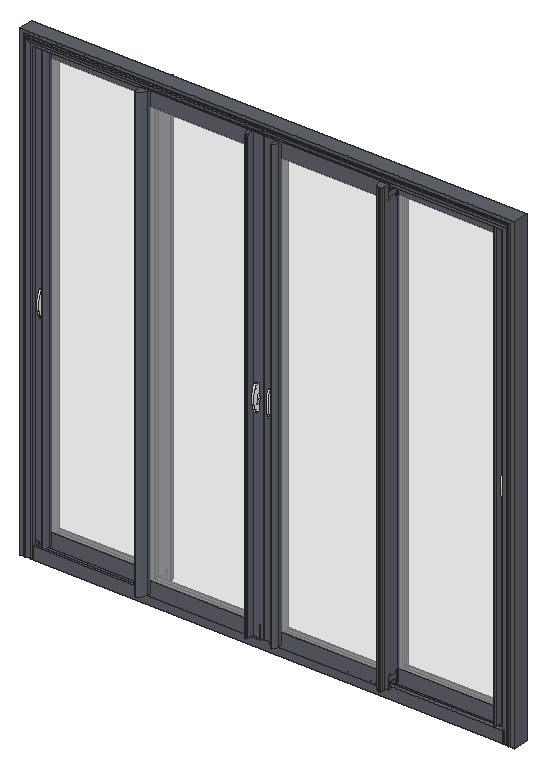
Revit family "Wicslide_65_Glass32_4_leaf_2_track_4_leaf_slide_or_2_inner_slide_2_outer_fixed", category Doors, host Wall, Revit 2014 (continued)
Definition of nested family "Leaf_Wicslide_65_G32_meet_connect_in_handle_left"
  Definition of nested family "wicona_handle_2d"
    Lines and regions (mm)
      model lines, style "PIECES", in view "Ref. Level", detail levels fine
        curve 61: line (11.651, -18.781, 0) -> (11.243, -18.216, 0)
        curve 62: line (11.243, -18.216, 0) -> (10.768, -17.336, 0)
        curve 63: line (10.768, -17.336, 0) -> (10.324, -16.441, 0)
        curve 64: line (10.324, -16.441, 0) -> (9.909, -15.531, 0)
        curve 65: line (9.909, -15.531, 0) -> (9.525, -14.608, 0)
        curve 66: line (9.525, -14.608, 0) -> (9.171, -13.672, 0)
        curve 67: line (9.162, -13.647, 0) -> (8.966, -12.67, 0)
        curve 68: line (8.963, -12.62, 0) -> (8.951, -12.312, 0)
        curve 69: arc (-5.814, -25, 0) -> (-5.429, -25.928, 0) -> (-4.501, -26.312, 0) r 1.312
        curve 70: arc (4.591, -26.312, 0) -> (5.454, -25.955, 0) -> (5.812, -25.091, 0) r 1.221
  Definition of nested family "window_2_pieces_glass_line"
    Parameters (values of type "T32")
      v1 = 5 mm
      line = 10 mm
      built-in parameter 1001306 [instance] = 1200 mm
      Glass Thickness = 32 mm
    Types (2, lengths in mm): name | Glass Thickness
      T24 | 24
      T32 | 32
    Reference planes
      plane 1 "Center (Front/Back)": y = 0
      plane 2: z = 0
      plane 3 "Left": x = 0
      plane 4 "Right": x = 1200
      plane 5: y = 32
      plane 6: y = 5
      plane 7: y = 27
      plane 8: x = 10
      plane 9: x = 1190
    Lines and regions (mm)
      reference lines, in view "Ref. Level"
        curve 1: line (0, 0, 0) -> (1200, 0, 0)
      detail lines, in view "Ref. Level", detail levels medium+fine
        curve 2: line (0, 32, 0) -> (1200, 32, 0)
        curve 3: line (0, 0, 0) -> (1200, 0, 0)
      detail lines, in view "Ref. Level", detail levels fine
        curve 4: line (0, 27, 0) -> (1200, 27, 0)
        curve 5: line (0, 5, 0) -> (1200, 5, 0)
      model lines, style "DetailComponents", in view "Ref. Level", detail levels fine
        curve 6: line (10, 27, 0) -> (10, 5, 0)
      detail lines, style "DetailComponents", in view "Ref. Level", detail levels fine
        curve 7: line (1190, 27, 0) -> (1190, 5, 0)
      model lines, style "DetailComponents", in view "Ref. Level", detail levels medium+fine
        curve 8: line (1200, 32, 0) -> (1200, 0, 0)
      detail lines, style "DetailComponents", in view "Ref. Level", detail levels medium+fine
        curve 9: line (0, 32, 0) -> (0, 0, 0)
    Dimensions and locks
      "built-in parameter 1001306": plane 3 "Left" to plane 4 "Right"
      "Glass Thickness": plane 5 to plane 1 "Center (Front/Back)"
      plane 5 to plane 1 "Center (Front/Back)" = 32 mm
      "v1": plane 5 to plane 7
      "v1": plane 6 to plane 1 "Center (Front/Back)"
      "line": plane 3 "Left" to plane 8
      "line": plane 9 to plane 4 "Right"
      aligned and locked: plane 1 "Center (Front/Back)" to curve 1
      aligned and locked: plane 3 "Left" to curve 1
      aligned and locked: plane 4 "Right" to curve 1
      aligned and locked: plane 5 to curve 2
      aligned and locked: plane 7 to curve 4
      aligned and locked: plane 6 to curve 5
      aligned and locked: curve 5 to curve 6
      aligned and locked: curve 6 to plane 8
      aligned and locked: curve 5 to curve 7
      aligned and locked: curve 7 to plane 9
      aligned and locked: plane 1 "Center (Front/Back)" to curve 9
      aligned and locked: curve 9 to plane 3 "Left"
      aligned and locked: curve 2 to curve 8
      aligned and locked: curve 3 to curve 8
      aligned and locked: curve 8 to plane 4 "Right"
      aligned and locked: curve 4 to curve 7
      aligned and locked: curve 4 to curve 6
    Automatic sketch dimensions
      curve 5 to plane 4 "Right" = 0 mm
      curve 4 to plane 4 "Right" = 0 mm
      curve 3 to plane 4 "Right" = 0 mm
      curve 2 to plane 4 "Right" = 0 mm
  Definition of nested family "Sash meeting 3041251"
    Parameters (values of type "Sash meeting 3041251")
      6 = 6 mm
    Reference planes
      plane 1 "Center (Front/Back)": y = 0
      plane 2: z = 0
      plane 3 "Center (Left/Right)": x = 0
      plane 4: y = -40
      plane 5: y = -18
      plane 6: x = 18.975
      plane 7: y = -2
      plane 8: y = -34
      plane 9: y = 4.5
    Lines and regions (mm)
      Filled region 1, type "Concrete", in view "Ref. Level", detail levels medium
        outline origin (18.997, 3.58, 0) x (1, 0, 0) y (0, 1, 0)
          loop
            line (-0.022, -78.58) -> (-0.022, 4.412) -> (-18.997, 4.412) -> (-18.997, 0.72) -> (-38.109, 0.72) -> (-38.109, -5.58) -> (-26.02, -5.58) -> (-26.02, -37.58) -> (-38.109, -37.58) -> (-38.109, -78.58) -> (-0.022, -78.58)
  Definition of nested family "Sash meeting 3041250"
    Parameters (values of type "Sash meeting 3041250")
      6 = 6 mm
    Reference planes
      plane 1 "Center (Front/Back)": y = 0
      plane 2: z = 0
      plane 3 "Center (Left/Right)": x = 0
      plane 4: y = -40
      plane 5: y = -18
      plane 6: x = 18.975
      plane 7: y = -2
      plane 8: y = -34
    Lines and regions (mm)
      Filled region 1, type "Concrete", in view "Ref. Level", detail levels medium
        outline origin (18.997, 3.58, 0) x (1, 0, 0) y (0, 1, 0)
          loop
            line (-0.022, -43.58) -> (-0.022, 4.412) -> (-18.997, 4.412) -> (-18.997, 0.72) -> (-38.109, 0.72) -> (-38.109, -5.58) -> (-26.02, -5.58) -> (-26.02, -37.58) -> (-38.109, -37.58) -> (-38.109, -43.58) -> (-0.022, -43.58)
  Definition of nested family "Sash meeting 3041252"
    Parameters (values of type "Sash meeting 3041252")
      6 = 6 mm
    Reference planes
      plane 1 "Center (Front/Back)": y = 0
      plane 2: z = 0
      plane 3 "Center (Left/Right)": x = 0
      plane 4: y = -40
      plane 5: y = -18
      plane 6: x = 18.975
      plane 7: y = -2
      plane 8: y = -34
      plane 9: y = 4.5
    Lines and regions (mm)
      Filled region 1, type "Concrete", in view "Ref. Level", detail levels medium
        outline origin (18.997, 3.58, 0) x (1, 0, 0) y (0, 1, 0)
          loop
            line (-0.022, -60.28) -> (-0.022, 4.412) -> (-18.997, 4.412) -> (-18.997, 0.72) -> (-38.109, 0.72) -> (-38.109, -5.58) -> (-26.02, -5.58) -> (-26.02, -37.58) -> (-38.109, -37.58) -> (-38.109, -52.434)
            arc (-38.109, -52.434) -> (-28.07, -70.772) -> (-11.546, -83.58) r 51.285
            line (-11.546, -83.58) -> (-4.436, -83.58) -> (-0.022, -60.28)
Definition of nested family "Leaf_Wicslide_65_G32_2_leaf_2_track_both_sliding_or_1_fixed_1slide_mirror"
  Parameters (values of type "Leaf_Wicslide_65_G32_2_leaf_2_track_both_sliding_or_1_fixed_1slide_mirror")
    Sash meeting 3041252 = yes
    Sash meeting 3041250 = no
    Sash meeting 3041251 = no
    Sash 1041273 = no
    Sash 1041270 = no
    Sash 1041271 = yes
    Sash 1041272 = no
    Profil Bottom = 4 mm
    Handle Distance = if(Sash 1041270, 22 mm, if(Sash 1041271, 45 mm, if(Sash 1041272, 42 mm, 22 mm)))  # 45 mm
    Leaf Width = 896 mm
    Leaf Material = Aluminium
    Leaf Height = 2000 mm
    Handle Material = Aluminium
    Handle Height = 850 mm  # constant formula
    Glass Width = 32 mm
    Glass Offset 2 = 7 mm  # constant formula
    Glass Offset = 46.1 mm  # constant formula
    Glass Material = WICONA -  Glass
    Glas Offset Bottom = 46.6 mm
    Frame Material = Aluminium
    16 = 16 mm
  Reference planes
    plane 1 "Center (Front/Back)": y = 0
    plane 2: z = 0
    plane 3 "Center (Left/Right)": x = 0
    plane 4: x = 896
    plane 5: z = 2000
    plane 6: x = 46.1
    plane 7: x = 889
    plane 8: z = 1953.4
    plane 9: z = 46.6
    plane 10: z = 896.6
    plane 11: x = 58.1
    plane 12: y = -16
    plane 13: y = 16
    plane 14: x = -3.312
    plane 15: x = 899.312
    plane 16: z = 46.6
    plane 17: y = -45
    plane 18: x = 20
    plane 19: z = 960.237
    plane 20: x = -1.516
    plane 21: y = -21.816
    plane 22: z = -5.306
    plane 23: z = 25
    plane 24: x = 914.975
    plane 25: z = 2010.5
    plane 26: z = 1980.5
    plane 27: z = 4
    plane 28: x = -9.9
  Forms (mm)
    Sweep 1, solid, material "Aluminium" <- "Leaf Material", visible <- "Sash 1041270"
      path origin (-1.381, 0, 34.551) x (1, 0, 0) y (0, 0, 1)
        loop
          line (0, -30.551) -> (0, 1970.678)
      profile origin (-1.381, 0, 1004.615) x (-1, 0, 0) y (0, -1, 0)
        loop
          line (-59.481, -22) -> (8.519, -22) -> (8.519, -16.6) -> (-10.369, -16.6) -> (-10.369, 16.6) -> (8.519, 16.6) -> (8.519, 22) -> (-59.395, 22) -> (-59.395, 16) -> (-47.481, 16) -> (-47.481, -16) -> (-59.481, -16) -> (-59.481, -22)
    Extrusion 2, solid, material "WICONA -  Glass" <- "Glass Material", detail levels medium+fine
      sketch origin (-214.248, -550.766, -473.088) x (1, 0, 0) y (0, 0, 1)
        loop
          line (260.348, 2426.488) -> (260.348, 519.688) -> (1103.248, 519.688) -> (1103.248, 2426.488) -> (260.348, 2426.488)
      from -566.766 to -534.766
    Sweep 3, solid, material "Aluminium" <- "Leaf Material"
      path origin (0, 0, 0) x (1, 0, 0) y (0, 0, 1)
        loop
          line (8.988, 0) -> (914.975, 0)
      profile origin (461.982, 0, 0) x (0, 0, 1) y (0, -1, 0)
        loop
          line (-5.306, -20.1) -> (58.694, -20.1) -> (58.694, -16) -> (46.634, -16) -> (46.634, 16) -> (58.694, 16) -> (58.694, 20.1) -> (-5.306, 20.1) -> (-5.306, 16.6) -> (5.236, 16.6) -> (5.236, 18.5) -> (25.914, 18.5) -> (25.914, -18.502) -> (5.236, -18.502) -> (5.236, -16.602) -> (-5.306, -16.602) -> (-5.306, -20.1)
    Sweep 4, solid, material "Aluminium" <- "Leaf Material", visible <- "Sash meeting 3041250"
      path origin (0, 0, 0) x (1, 0, 0) y (0, 0, 1)
        loop
          line (896, 2005.23) -> (896, 4)
      profile origin (896, 0, 1004.615) x (0, -1, 0) y (1, 0, 0)
        loop
          line (-22.3, -19.026) -> (-16, -19.026) -> (-16, -7.023) -> (16, -7.023) -> (16, -19.026) -> (22, -19.026) -> (22, 18.975) -> (-25.992, 18.975) -> (-25.992, 0) -> (-22.3, 0) -> (-22.3, -19.026)
    Sweep 5, solid, material "Aluminium" <- "Leaf Material", visible <- "Sash 1041273"
      path origin (0, 0, 0) x (1, 0, 0) y (0, 0, 1)
        loop
          line (0, 4) -> (0, 2005.23)
      profile origin (0, 0, 1004.615) x (-1, 0, 0) y (0, -1, 0)
        loop
          line (9.9, -22) -> (9.9, -16.517) -> (-12.05, -16.517) -> (-12.05, 16.671) -> (9.9, 16.671) -> (9.9, 22) -> (-41.1, 22) -> (-41.1, 47) -> (-42.787, 54.915) -> (-43.872, 56) -> (-47.182, 56)
          arc (-47.182, 56) -> (-54.565, 44.34) -> (-58.1, 31) r 45.352
          line (-58.1, 31) -> (-58.1, -22) -> (9.9, -22)
    Sweep 6, solid, material "Aluminium" <- "Leaf Material", visible <- "Sash 1041272"
      path origin (0, 0, 0) x (1, 0, 0) y (0, 0, 1)
        loop
          line (0, 4) -> (0, 2005.23)
      profile origin (0, 0, 1004.615) x (-1, 0, 0) y (0, -1, 0)
        loop
          line (-58.1, -22) -> (9.9, -22) -> (9.9, -16) -> (-8.988, -16) -> (-8.988, 16) -> (9.9, 16) -> (9.9, 22) -> (-6.1, 22) -> (-6.1, 41.999) -> (-58.1, 41.999) -> (-58.1, 16) -> (-46.1, 16) -> (-46.1, -16) -> (-58.1, -16) -> (-58.1, -22)
    Sweep 7, solid, material "Aluminium" <- "Leaf Material", visible <- "Sash 1041271"
      path origin (0, 0, 0) x (1, 0, 0) y (0, 0, 1)
        loop
          line (0, 4) -> (0, 2005.23)
      profile origin (0, 0, 1004.615) x (-1, 0, 0) y (0, -1, 0)
        loop
          line (9.9, -22) -> (9.9, -16.6) -> (-8.988, -16.6) -> (-8.988, 16.6) -> (9.9, 16.6) -> (9.9, 45) -> (-58.1, 45) -> (-58.1, 16) -> (-46.136, 16) -> (-46.136, -16) -> (-58.1, -16) -> (-58.1, -22) -> (9.9, -22)
    Sweep 8, solid, material "Aluminium" <- "Leaf Material", visible <- "Sash meeting 3041252"
      path origin (0, 0, 0) x (1, 0, 0) y (0, 0, 1)
        loop
          line (896, 4) -> (896, 2005.23)
      profile origin (896, 0, 1004.615) x (-1, 0, 0) y (0, -1, 0)
        loop
          line (19.026, -22.3) -> (19.026, -16.183) -> (7, -16.183) -> (7, 16) -> (19.026, 16) -> (19.026, 30.94)
          arc (19.026, 30.94) -> (9.037, 49.24) -> (-7.45, 62) r 50.906
          line (-7.45, 62) -> (-13.135, 62) -> (-14.994, 60.998) -> (-17.979, 49.857) -> (-18.975, 41.747) -> (-18.975, -25.992) -> (0, -25.992) -> (0, -22.3) -> (19.026, -22.3)
    Sweep 9, solid, material "Aluminium" <- "Leaf Material", visible <- "Sash meeting 3041251"
      path origin (0, 0, 0) x (1, 0, 0) y (0, 0, 1)
        loop
          line (896, 4) -> (896, 2005.23)
      profile origin (896, 0, 1004.615) x (-1, 0, 0) y (0, -1, 0)
        loop
          line (0, -22.3) -> (19.026, -22.3) -> (19.026, -16) -> (7.023, -16) -> (7.023, 16) -> (19.026, 16) -> (19.026, 57) -> (-18.975, 57) -> (-18.975, -25.992) -> (0, -25.992) -> (0, -22.3)
    Sweep 10, solid, material "Aluminium" <- "Leaf Material"
      path origin (0, 0, 5.236) x (1, 0, 0) y (0, 0, 1)
        loop
          line (12.05, 2000) -> (914.975, 2000)
      profile origin (463.512, 0, 2005.236) x (0, 0, 1) y (0, -1, 0)
        loop
          line (-0.006, 20.1) -> (-64.007, 20.1) -> (-64.007, 16) -> (-51.87, 16) -> (-51.87, -16) -> (-64.006, -16) -> (-64.006, -20.1) -> (-0.005, -20.1) -> (-0.005, -16.6) -> (-10.505, -16.6) -> (-10.505, -18.5) -> (-31.192, -18.5) -> (-31.192, 18.502) -> (-10.506, 18.502) -> (-10.506, 16.602) -> (-0.006, 16.602) -> (-0.006, 20.1)
    Extrusion 11, void
      sketch origin (0, 0, 0) x (1, 0, 0) y (0, 1, 0)
        loop
          line (889, 16) -> (889, -16) -> (925.276, -16) -> (925.276, 16) -> (889, 16)
      from -5.306 to 25
    Extrusion 12, void
      sketch origin (0, 0, 0) x (1, 0, 0) y (0, 1, 0)
        loop
          line (922.34, 16) -> (889, 16) -> (889, -16) -> (922.34, -16) -> (922.34, 16)
      from -5.306 to 25
    Extrusion 13, void
      sketch origin (0, 0, 140) x (1, 0, 0) y (0, 1, 0)
        loop
          line (922.34, 16) -> (889, 16) -> (889, -16) -> (922.34, -16) -> (922.34, 16)
      from 1840.5 to 1870.5
  Cuts and joins
    Extrusion 11, Extrusion 12 cuts Extrusion 2
    Extrusion 11, Extrusion 12 cuts Sweep 3
    Extrusion 11, Extrusion 12, Extrusion 13 cuts Sweep 9
    Extrusion 12, Extrusion 13 cuts Sweep 4
    Extrusion 12, Extrusion 13 cuts Sweep 8
  Lines and regions (mm)
    symbolic lines, style "GenericModel", detail levels medium+fine
      curve 1: line (0, 16, 1953.4) -> (0, 16, 46.6)
      curve 2: line (0, -16, 1953.4) -> (0, -16, 46.6)
      curve 3: line (0, 0, 1953.4) -> (0, 0, 46.6)
  Dimensions and locks
    "Leaf Width": plane 3 "Center (Left/Right)" to plane 4
    "Leaf Height": plane 5 to level
    "Glass Offset": plane 3 "Center (Left/Right)" to plane 6
    "Glass Offset 2": plane 7 to plane 4
    "Glas Offset Bottom": plane 5 to plane 8
    level to plane 10 = 896.6 mm
    "Handle Height": plane 10 to plane 9
    "Glas Offset Bottom": plane 9 to level
    locked: plane 3 "Center (Left/Right)" to plane 14 at 3.312
    locked: plane 15 to plane 4 at 3.312
    locked: plane 3 "Center (Left/Right)" to plane 18 at 20
    "Handle Distance": plane 17 to plane 1 "Center (Front/Back)"
    plane 19 to level = 960.237 mm
    plane 21 to plane 1 "Center (Front/Back)" = 21.816 mm
    plane 23 to level to plane 22 = 25 mm locked, 5.306 mm locked
    locked: plane 4 to plane 24 at 18.975
    plane 25 to plane 5 to plane 26 = 10.5 mm locked, 19.5 mm locked
    "Profil Bottom": plane 27 to level
    "Glass Width": plane 12 to plane 13
    "16": plane 1 "Center (Front/Back)" to plane 13
    locked: plane 28 to plane 3 "Center (Left/Right)" at 9.9
    aligned and locked: level to plane 2
    aligned and locked: plane 9 to plane 16
    aligned and locked: nested 3 to level
    aligned and locked: nested 3 to plane 1 "Center (Front/Back)"
    aligned and locked: Extrusion 2 to plane 6
    aligned and locked: plane 7 to Extrusion 2
    aligned and locked: plane 8 to Extrusion 2
    aligned and locked: Extrusion 2 to plane 9
    aligned and locked: Extrusion 2 to plane 13
    aligned and locked: plane 12 to Extrusion 2
    aligned and locked: Sweep 4 to Sweep 3 sketch curve
    aligned and locked: plane 17 to nested 10
    aligned and locked: nested 10 to plane 18
    aligned and locked: plane 19 to nested 10
    aligned and locked: plane 1 "Center (Front/Back)" to nested 11
    aligned and locked: Sweep 10 to Sweep 4 sketch curve
    aligned and locked: Sweep 10 to Sweep 9 sketch curve
    aligned and locked: Sweep 10 to Sweep 8 sketch curve
    aligned and locked: Sweep 10 to Sweep 7 sketch curve
    aligned and locked: Sweep 10 to Sweep 6 sketch curve
    aligned and locked: Sweep 10 to Sweep 5 sketch curve
    aligned and locked: Sweep 10 to Sweep 1 sketch curve
    aligned and locked: Sweep 7 to Sweep 3 sketch curve
    aligned and locked: nested 12 to plane 17
    aligned and locked: nested 12 to plane 18
    aligned and locked: plane 23 to cut or joined group of Sweep 9, Extrusion 11, Extrusion 12, Extrusion 13
    aligned and locked: cut or joined group of Sweep 9, Extrusion 11, Extrusion 12, Extrusion 13 to plane 22
    aligned and locked: cut or joined group of Sweep 9, Extrusion 11, Extrusion 12, Extrusion 13 to plane 7
    aligned and locked: plane 27 to Sweep 9 sketch curve
    aligned and locked: plane 27 to Sweep 4 sketch curve
    aligned and locked: plane 27 to Sweep 7 sketch curve
    aligned and locked: plane 27 to Sweep 6 sketch curve
    aligned and locked: plane 27 to Sweep 5 sketch curve
    aligned and locked: plane 27 to Sweep 1 sketch curve
    aligned and locked: plane 27 to Sweep 8 sketch curve
    aligned and locked: nested 13 to plane 8
    aligned and locked: nested 13 to plane 9
    aligned and locked: nested 1 to plane 1 "Center (Front/Back)"
    aligned and locked: plane 3 "Center (Left/Right)" to nested 1
    aligned and locked: nested 4 to plane 3 "Center (Left/Right)"
    aligned and locked: nested 4 to plane 1 "Center (Front/Back)"
    aligned and locked: nested 5 to plane 3 "Center (Left/Right)"
    aligned and locked: nested 5 to plane 1 "Center (Front/Back)"
    aligned and locked: nested 2 to plane 1 "Center (Front/Back)"
    aligned and locked: plane 4 to nested 2
    aligned and locked: nested 8 to plane 1 "Center (Front/Back)"
    aligned and locked: plane 4 to nested 8
    aligned and locked: plane 4 to nested 7
    aligned and locked: nested 7 to plane 1 "Center (Front/Back)"
    aligned and locked: plane 7 to nested 14
    aligned and locked: plane 6 to nested 14
    aligned and locked: plane 12 to nested 14
    aligned and locked: plane 12 to nested 13
    aligned and locked: cut or joined group of Sweep 8, Extrusion 12, Extrusion 13 to plane 7  (x2)
    aligned and locked: cut or joined group of Sweep 8, Extrusion 12, Extrusion 13 to plane 22
    aligned and locked: plane 23 to cut or joined group of Sweep 8, Extrusion 12, Extrusion 13
    aligned and locked: plane 25 to cut or joined group of Sweep 8, Extrusion 12, Extrusion 13
    aligned and locked: cut or joined group of Sweep 8, Extrusion 12, Extrusion 13 to plane 26
    aligned and locked: plane 5 to nested 11
    aligned and locked: nested 6 to nested 9
    aligned and locked: nested 9 to plane 1 "Center (Front/Back)"
  Automatic sketch dimensions
    curve 2 to plane 8 = 0 mm
    curve 2 to plane 12 = 0 mm
    curve 3 to plane 1 "Center (Front/Back)" = 0 mm
    curve 1 to plane 9 = 0 mm
    curve 1 to plane 13 = 0 mm
    curve 2 to plane 9 = 0 mm
    curve 3 to plane 9 = 0 mm
    curve 3 to plane 8 = 0 mm
    curve 1 to plane 8 = 0 mm
    plane 20 to Sweep 1 sketch curve = 0.135 mm
    Sweep 1 sketch curve to profile plane = 22 mm
    profile plane to Sweep 1 sketch curve = 59.481 mm
    Sweep 1 sketch curve to Sweep 1 sketch curve = 0.086 mm
    Sweep 1 sketch curve to Sweep 1 sketch curve = 11.914 mm
    profile plane to Sweep 1 sketch curve = 10.369 mm
    Sweep 1 sketch curve to profile plane = 8.519 mm  (x2)
    Sweep 1 sketch curve to Sweep 1 sketch curve = 5.4 mm  (x2)
    Sweep 1 sketch curve to Sweep 1 sketch curve = 6 mm
    profile plane to Sweep 1 sketch curve = 16 mm
    profile plane to Sweep 1 sketch curve = 16.6 mm
    Extrusion 2 sketch curve to plane 6 = 0 mm
    Extrusion 2 sketch curve to plane 7 = 0 mm
    Extrusion 2 sketch curve to plane 9 = 0 mm
    Extrusion 2 sketch curve to plane 8 = 0 mm
    Sweep 3 sketch curve to level = 0 mm
    profile plane to Sweep 3 sketch curve = 5.306 mm  (x2)
    Sweep 3 sketch curve to profile plane = 5.236 mm  (x2)
    Sweep 3 sketch curve to Sweep 3 sketch curve = 20.678 mm
    plane 16 to Sweep 3 sketch curve = 0.034 mm
    plane 16 to Sweep 3 sketch curve = 12.094 mm  (x2)
    Sweep 3 sketch curve to plane 1 "Center (Front/Back)" = 20.1 mm
    Sweep 3 sketch curve to plane 1 "Center (Front/Back)" = 18.502 mm
    Sweep 3 sketch curve to Sweep 3 sketch curve = 3.498 mm
    Sweep 3 sketch curve to Sweep 3 sketch curve = 4.1 mm  (x2)
    plane 1 "Center (Front/Back)" to Sweep 3 sketch curve = 16 mm
    plane 1 "Center (Front/Back)" to Sweep 3 sketch curve = 16.6 mm
    Sweep 3 sketch curve to Sweep 3 sketch curve = 1.9 mm
    Sweep 4 sketch curve to plane 4 = 0 mm
    Sweep 4 sketch curve to profile plane = 0 mm
    Sweep 4 sketch curve to plane 1 "Center (Front/Back)" = 25.992 mm
    Sweep 4 sketch curve to Sweep 4 sketch curve = 3.692 mm
    Sweep 4 sketch curve to Sweep 4 sketch curve = 6.3 mm
    profile plane to Sweep 4 sketch curve = 7.023 mm
    plane 1 "Center (Front/Back)" to Sweep 4 sketch curve = 16 mm
    Sweep 4 sketch curve to Sweep 4 sketch curve = 6 mm
    Sweep 4 sketch curve to Sweep 4 sketch curve = 12.003 mm  (x2)
    Sweep 4 sketch curve to profile plane = 18.975 mm
    Sweep 5 sketch curve to plane 3 "Center (Left/Right)" = 0 mm
    profile plane to Sweep 5 sketch curve = 58.1 mm
    Sweep 5 sketch curve to Sweep 5 sketch curve = 10.918 mm
    Sweep 5 sketch curve to Sweep 5 sketch curve = 3.31 mm
    Sweep 5 sketch curve to Sweep 5 sketch curve = 1.085 mm  (x2)
    Sweep 5 sketch curve to Sweep 5 sketch curve = 1.687 mm
    profile plane to Sweep 5 sketch curve = 13.004 mm
    Sweep 5 sketch curve to Sweep 5 sketch curve = 0.954 mm
    Sweep 5 sketch curve to profile plane = 9.9 mm  (x2)
    Sweep 5 sketch curve to plane 1 "Center (Front/Back)" = 22 mm
    Sweep 5 sketch curve to plane 1 "Center (Front/Back)" = 16.517 mm
    plane 1 "Center (Front/Back)" to Sweep 5 sketch curve = 16.671 mm
    Sweep 5 sketch curve to Sweep 5 sketch curve = 5.329 mm
    Sweep 5 sketch curve to Sweep 5 sketch curve = 9.518 mm
    Sweep 5 sketch curve to Sweep 5 sketch curve = 9 mm  (x2)
    Sweep 6 sketch curve to plane 3 "Center (Left/Right)" = 0 mm
    Sweep 6 sketch curve to plane 1 "Center (Front/Back)" = 22 mm
    profile plane to Sweep 6 sketch curve = 58.1 mm
    Sweep 6 sketch curve to Sweep 6 sketch curve = 0 mm
    Sweep 6 sketch curve to Sweep 6 sketch curve = 12 mm
    profile plane to Sweep 6 sketch curve = 8.988 mm
    profile plane to Sweep 6 sketch curve = 6.1 mm
    Sweep 6 sketch curve to profile plane = 9.9 mm  (x2)
    Sweep 6 sketch curve to Sweep 6 sketch curve = 6 mm  (x2)
    Sweep 6 sketch curve to plane 1 "Center (Front/Back)" = 16 mm
    plane 1 "Center (Front/Back)" to Sweep 6 sketch curve = 16 mm  (x2)
    Sweep 6 sketch curve to Sweep 6 sketch curve = 19.999 mm
    Sweep 7 sketch curve to plane 3 "Center (Left/Right)" = 0 mm
    profile plane to Sweep 7 sketch curve = 58.1 mm
    Sweep 7 sketch curve to Sweep 7 sketch curve = 0 mm
    Sweep 7 sketch curve to Sweep 7 sketch curve = 11.964 mm
    profile plane to Sweep 7 sketch curve = 8.988 mm
    Sweep 7 sketch curve to profile plane = 9.9 mm  (x2)
    Sweep 7 sketch curve to plane 1 "Center (Front/Back)" = 22 mm
    Sweep 7 sketch curve to Sweep 7 sketch curve = 5.4 mm
    Sweep 7 sketch curve to Sweep 7 sketch curve = 6 mm
    plane 1 "Center (Front/Back)" to Sweep 7 sketch curve = 16 mm
    plane 1 "Center (Front/Back)" to Sweep 7 sketch curve = 16.6 mm
    Sweep 7 sketch curve to Sweep 7 sketch curve = 28.4 mm
    Sweep 8 sketch curve to plane 4 = 0 mm
    Sweep 8 sketch curve to profile plane = 0 mm
    profile plane to Sweep 8 sketch curve = 7.45 mm
    Sweep 8 sketch curve to Sweep 8 sketch curve = 5.685 mm
    Sweep 8 sketch curve to Sweep 8 sketch curve = 1.859 mm
    Sweep 8 sketch curve to Sweep 8 sketch curve = 2.985 mm
    Sweep 8 sketch curve to Sweep 8 sketch curve = 0.996 mm
    plane 1 "Center (Front/Back)" to Sweep 8 sketch curve = 16.215 mm
    Sweep 8 sketch curve to Sweep 8 sketch curve = 10.729 mm
    Sweep 8 sketch curve to profile plane = 7 mm
    Sweep 8 sketch curve to Sweep 8 sketch curve = 12.026 mm  (x2)
    plane 1 "Center (Front/Back)" to Sweep 8 sketch curve = 16 mm
    Sweep 8 sketch curve to plane 1 "Center (Front/Back)" = 16.183 mm
    Sweep 8 sketch curve to Sweep 8 sketch curve = 6.117 mm
    Sweep 8 sketch curve to Sweep 8 sketch curve = 3.692 mm
    Sweep 8 sketch curve to Sweep 8 sketch curve = 14.94 mm
    Sweep 8 sketch curve to Sweep 8 sketch curve = 20.253 mm
    Sweep 8 sketch curve to Sweep 8 sketch curve = 8.11 mm
    Sweep 8 sketch curve to Sweep 8 sketch curve = 1.002 mm
    Sweep 9 sketch curve to plane 4 = 0 mm
    Sweep 9 sketch curve to profile plane = 0 mm
    profile plane to Sweep 9 sketch curve = 18.975 mm
    Sweep 9 sketch curve to profile plane = 7.023 mm
    Sweep 9 sketch curve to profile plane = 19.026 mm
    Sweep 9 sketch curve to Sweep 9 sketch curve = 12.003 mm
    Sweep 9 sketch curve to plane 1 "Center (Front/Back)" = 25.992 mm
    Sweep 9 sketch curve to Sweep 9 sketch curve = 3.692 mm
    Sweep 9 sketch curve to Sweep 9 sketch curve = 6.3 mm
    plane 1 "Center (Front/Back)" to Sweep 9 sketch curve = 16 mm
    Sweep 9 sketch curve to Sweep 9 sketch curve = 41 mm
    plane 5 to Sweep 10 sketch curve = 5.236 mm
    Sweep 10 sketch curve to plane 24 = 0 mm
    plane 18 to Sweep 10 sketch curve = 7.95 mm
    Extrusion 11 sketch curve to plane 7 = 0 mm
    plane 12 to Extrusion 11 sketch curve = 0 mm
    plane 13 to Extrusion 11 sketch curve = 0 mm
    plane 24 to Extrusion 11 sketch curve = 10.301 mm
    Extrusion 12 sketch curve to plane 7 = 0 mm
    plane 12 to Extrusion 12 sketch curve = 0 mm
    plane 13 to Extrusion 12 sketch curve = 0 mm
    plane 24 to Extrusion 12 sketch curve = 7.365 mm
    plane 7 to Extrusion 13 sketch curve = 0 mm
    plane 12 to Extrusion 13 sketch curve = 0 mm
    plane 13 to Extrusion 13 sketch curve = 0 mm
    plane 24 to Extrusion 13 sketch curve = 7.365 mm
    plane 1 "Center (Front/Back)" to Sweep 10 sketch curve = 20.1 mm
    profile plane to Sweep 10 sketch curve = 64.007 mm
    Sweep 10 sketch curve to plane 1 "Center (Front/Back)" = 16 mm
    Sweep 10 sketch curve to Sweep 10 sketch curve = 0.001 mm
    Sweep 10 sketch curve to Sweep 10 sketch curve = 12.136 mm
    Sweep 10 sketch curve to Sweep 10 sketch curve = 20.678 mm
    profile plane to Sweep 10 sketch curve = 10.506 mm
    profile plane to Sweep 10 sketch curve = 10.505 mm
    profile plane to Sweep 10 sketch curve = 0.006 mm
    profile plane to Sweep 10 sketch curve = 0.005 mm
    Sweep 10 sketch curve to plane 1 "Center (Front/Back)" = 16.6 mm
    Sweep 10 sketch curve to Sweep 10 sketch curve = 1.9 mm
    Sweep 10 sketch curve to Sweep 10 sketch curve = 4.1 mm  (x2)
    Sweep 10 sketch curve to Sweep 10 sketch curve = 3.498 mm
    plane 1 "Center (Front/Back)" to Sweep 10 sketch curve = 18.502 mm
  Nested families
    nested 1: "Sash Verticals_1041270" at (-9.9, 22, 0), visible <- "Sash 1041270", type "Sash Verticals_1041270"
    nested 2: "Sash meeting 3041250" at (896, 18, 0), visible <- "Sash meeting 3041250", type "Sash meeting 3041250"
    nested 3: "Sash_horizontal_1041274" at (0, 0, 0) x (0, 1, 0) z (1, 0, 0), type "Sash_horizontal_1041274"
    nested 4: "Sash Verticals_1041271" at (-9.9, 22, 0), visible <- "Sash 1041271", type "Sash Verticals_1041271"
    nested 5: "Sash Verticals_1041272" at (-9.9, 22, 0), visible <- "Sash 1041272", type "Sash Verticals_1041272"
    nested 6: "Sash Verticals_1041273" at (-9.9, 22, 0), visible <- "Sash 1041273", type "Sash Verticals_1041273"
    nested 7: "Sash meeting 3041251" at (896, 18, 0), visible <- "Sash meeting 3041251", type "Sash meeting_3041251"
    nested 8: "Sash meeting 3041252" at (896, 18, 0), visible <- "Sash meeting 3041252", type "Sash meeting_3041252"
    nested 9: "Sash_lock" at (-9.9, 18, 0), type "Sash_lock"
    nested 10: "wicona_handle_2" at (20, -45, 956.633) x (-1, 0, 0) z (0, 0, 1), type "wicona_handle_2", detail levels medium+fine
    nested 11: "Sash_horizontal_1041274" at (0, 0, 2000) x (0, -1, 0) z (1, 0, 0), type "Sash_horizontal_1041274"
    nested 12: "wicona_handle_2d" at (20, -45, 0), type "wicona_handle_2d"
    nested 13: "window_2_pieces_glass_line" at (0, -16, 1953.4) x (0, 0, -1) z (1, 0, 0), type "T32"
      with built-in parameter 1001306 6.2559 (stored number, unit not read)
    nested 14: "window_2_pieces_glass_line" at (46.1, -16, 0), type "T32"
      with built-in parameter 1001306 2.7654 (stored number, unit not read)
  Definition of nested family "wicona_handle_2"
    Parameters (values of type "wicona_handle_2")
      Leaf Thickness = 119.445 mm
      Handle Material = Aluminium
    Reference planes
      plane 1 "Center (Front/Back)": y = 0
      plane 2: z = 0
      plane 3 "Center (Left/Right)": x = 0
      plane 4: x = -12.5
      plane 5: x = 12.5
      plane 6: y = -25
    Forms (mm)
      Extrusion 1, solid, material "Aluminium" <- "Handle Material"
        sketch origin (0, 0, 0) x (1, 0, 0) y (0, 0, 1)
          loop
            line (0, 24.936) -> (0, -24.936)
            arc (0, -24.936) -> (9.865, 0) -> (0, 24.936) r 36.45
        from 0 to 7.131
      Extrusion 2, solid, material "Aluminium" <- "Handle Material"
        sketch origin (0, 0, 0) x (0, 1, 0) y (0, 0, 1)
          loop
            line (0, 61.209) -> (-11.38, 61.209)
            arc (-11.38, 61.209) -> (-25.13, 4.31) -> (-11.38, -52.589) r 124.599
            line (-11.38, -52.589) -> (0, -52.589) -> (0, 61.209)
        from -4.798 to 4.287
      Extrusion 3, solid, material "Aluminium" <- "Handle Material"
        sketch origin (-0.471, 0, 3.281) x (0.788011, 0, 0.615661) y (-0.615661, 0, 0.788011)
          loop
            line (-12.5, 3.457) -> (-12.5, -1.543) -> (2.5, -1.543) -> (2.5, 3.457) -> (-12.5, 3.457)
        from 0 to 7.131
    Dimensions and locks
      aligned and locked: level to plane 2
  Definition of nested family "Sash Verticals_1041270"
    Reference planes
      plane 1 "Center (Front/Back)": y = 0
      plane 2: z = 0
      plane 3 "Center (Left/Right)": x = 0
      plane 4: y = -44
      plane 5: y = -22
      plane 6: y = -6
      plane 7: y = -38
    Lines and regions (mm)
      Filled region 1, type "Concrete", in view "Ref. Level", detail levels medium
        outline origin (18.997, 3.58, 0) x (1, 0, 0) y (0, 1, 0)
          loop
            line (-18.997, -3.58) -> (-18.997, -8.98) -> (-9.097, -8.98) -> (-9.097, -5.18) -> (-0.109, -5.18) -> (-0.109, -45.98) -> (-9.097, -45.98) -> (-9.097, -42.18) -> (-18.997, -42.18) -> (-18.997, -47.58) -> (49.003, -47.58) -> (49.003, -41.58) -> (37.039, -41.58) -> (37.039, -9.58) -> (49.003, -9.58) -> (49.003, -3.58) -> (-18.997, -3.58)
      model lines, style "GLAS", in view "Ref. Level", detail levels fine
        curve 1: line (56.036, -2.324, 0) -> (56.036, -40.117, 0)
  Definition of nested family "Sash meeting 3041250"
    Parameters (values of type "Sash meeting 3041250")
      6 = 6 mm
    Reference planes
      plane 1 "Center (Front/Back)": y = 0
      plane 2: z = 0
      plane 3 "Center (Left/Right)": x = 0
      plane 4: y = -40
      plane 5: y = -18
      plane 6: x = 18.975
      plane 7: y = -2
      plane 8: y = -34
    Lines and regions (mm)
      Filled region 1, type "Concrete", in view "Ref. Level", detail levels medium
        outline origin (18.997, 3.58, 0) x (1, 0, 0) y (0, 1, 0)
          loop
            line (-0.022, -43.58) -> (-0.022, 4.412) -> (-18.997, 4.412) -> (-18.997, 0.72) -> (-38.109, 0.72) -> (-38.109, -5.58) -> (-26.02, -5.58) -> (-26.02, -37.58) -> (-38.109, -37.58) -> (-38.109, -43.58) -> (-0.022, -43.58)
  Definition of nested family "Sash_horizontal_1041274"
    Reference planes
      plane 1 "Center (Front/Back)": y = 0
      plane 2: z = 0
      plane 3 "Center (Left/Right)": x = 0
      plane 4: y = -5.264
      plane 5: y = 46.634
      plane 6: x = -16
      plane 7: x = 16
    Lines and regions (mm)
      Filled region 1, type "Concrete", in view "Ref. Level", detail levels medium
        outline origin (18.997, 3.58, 0) x (1, 0, 0) y (0, 1, 0)
          loop
            line (-39.097, -8.845) -> (-35.597, -8.845) -> (-35.597, 1.655) -> (-37.497, 1.655) -> (-37.497, 22.334) -> (-0.495, 22.334) -> (-0.495, 1.655) -> (-2.394, 1.655) -> (-2.394, -8.845) -> (1.103, -8.845) -> (1.103, 55.157) -> (-2.997, 55.157) -> (-2.997, 43.054) -> (-34.997, 43.054) -> (-34.997, 55.156) -> (-39.097, 55.156) -> (-39.097, -8.845)
      detail lines, style "CENT3", in view "Ref. Level", not visible
        curve 1: line (123.517, -4.599, 0) -> (123.517, -38.599, 0)
      detail lines, style "GLAS", in view "Ref. Level", not visible
        curve 2: line (83.517, -9.599, 0) -> (123.517, -9.599, 0)
        curve 3: line (123.517, -9.599, 0) -> (123.517, -14.599, 0)
        curve 4: line (123.517, -14.599, 0) -> (83.517, -14.599, 0)
        curve 5: line (83.517, -14.599, 0) -> (83.517, -9.599, 0)
        curve 6: line (83.517, -28.599, 0) -> (123.517, -28.599, 0)
        curve 7: line (123.517, -28.599, 0) -> (123.517, -33.599, 0)
        curve 8: line (123.517, -33.599, 0) -> (83.517, -33.599, 0)
        curve 9: line (83.517, -33.599, 0) -> (83.517, -28.599, 0)
        curve 10: line (83.517, -10.599, 0) -> (123.517, -10.599, 0)
        curve 11: line (83.517, -11.599, 0) -> (123.517, -11.599, 0)
        curve 12: line (83.517, -12.599, 0) -> (123.517, -12.599, 0)
        curve 13: line (83.517, -13.599, 0) -> (123.517, -13.599, 0)
        curve 14: line (83.517, -14.599, 0) -> (123.517, -14.599, 0)
        curve 15: line (93.517, -14.599, 0) -> (93.517, -28.599, 0)
        curve 16: line (83.517, -28.599, 0) -> (123.517, -28.599, 0)
        curve 17: line (83.517, -29.599, 0) -> (123.517, -29.599, 0)
        curve 18: line (83.517, -30.599, 0) -> (123.517, -30.599, 0)
        curve 19: line (83.517, -31.599, 0) -> (123.517, -31.599, 0)
        curve 20: line (83.517, -32.599, 0) -> (123.517, -32.599, 0)
        curve 21: line (123.517, -9.599, 0) -> (83.517, -9.599, 0)
        curve 22: line (83.517, -9.599, 0) -> (83.517, -33.599, 0)
        curve 23: line (83.517, -33.599, 0) -> (123.517, -33.599, 0)
      detail lines, style "GLAS", in view "Ref. Level", not visible, detail levels fine
        curve 24: line (56.036, -6.117, 0) -> (96.036, -6.117, 0)
        curve 25: line (96.036, -30.117, 0) -> (56.036, -30.117, 0)
        curve 26: line (96.036, -6.117, 0) -> (56.036, -6.117, 0)
        curve 27: line (56.036, -6.117, 0) -> (56.036, -30.117, 0)
        curve 28: line (56.036, -30.117, 0) -> (96.036, -30.117, 0)
  Definition of nested family "Sash Verticals_1041271"
    Reference planes
      plane 1 "Center (Front/Back)": y = 0
      plane 2: z = 0
      plane 3 "Center (Left/Right)": x = 0
      plane 4: y = -44
      plane 5: y = -22
      plane 6: y = -6
      plane 7: y = -38
    Lines and regions (mm)
      Filled region 1, type "Concrete", in view "Ref. Level", detail levels medium
        outline origin (18.997, 3.58, 0) x (1, 0, 0) y (0, 1, 0)
          loop
            line (-18.997, -3.58) -> (-18.997, -8.98) -> (-9.097, -8.98) -> (-9.097, -5.18) -> (-0.109, -5.18) -> (-0.109, -45.98) -> (-9.097, -45.98) -> (-9.097, -42.18) -> (-18.997, -42.18) -> (-18.997, -70.58) -> (49.003, -70.58) -> (49.003, -41.58) -> (37.039, -41.58) -> (37.039, -9.58) -> (49.003, -9.58) -> (49.003, -3.58) -> (-18.997, -3.58)
      model lines, style "GLAS", in view "Ref. Level", detail levels fine
        curve 1: line (56.036, -2.324, 0) -> (56.036, -40.117, 0)
  Definition of nested family "Sash Verticals_1041272"
    Reference planes
      plane 1 "Center (Front/Back)": y = 0
      plane 2: z = 0
      plane 3 "Center (Left/Right)": x = 0
      plane 4: y = -44
      plane 5: y = -22
      plane 6: y = -6
      plane 7: y = -38
    Lines and regions (mm)
      Filled region 1, type "Concrete", in view "Ref. Level", detail levels medium
        outline origin (18.997, 5.863, 0) x (1, 0, 0) y (0, 1, 0)
          loop
            line (-18.997, -5.863) -> (-18.997, -11.863) -> (-8.997, -11.863) -> (-8.997, -7.463) -> (-0.109, -7.463) -> (-0.109, -48.263) -> (-8.997, -48.263) -> (-8.997, -43.863) -> (-18.997, -43.863) -> (-18.997, -49.863) -> (-2.997, -49.863) -> (-2.997, -69.862) -> (49.003, -69.862) -> (49.003, -43.863) -> (37.039, -43.863) -> (37.039, -11.863) -> (49.003, -11.863) -> (49.003, -5.863) -> (-18.997, -5.863)
      model lines, style "GLAS", in view "Ref. Level", detail levels fine
        curve 1: line (56.036, -2.324, 0) -> (56.036, -40.117, 0)
  Definition of nested family "Sash Verticals_1041273"
    Reference planes
      plane 1 "Center (Front/Back)": y = 0
      plane 2: z = 0
      plane 3 "Center (Left/Right)": x = 0
      plane 4: y = -44
      plane 5: y = -22
      plane 6: y = -6
      plane 7: y = -38
    Lines and regions (mm)
      Filled region 1, type "Concrete", in view "Ref. Level", detail levels medium
        outline origin (18.997, 5.863, 0) x (1, 0, 0) y (0, 1, 0)
          loop
            line (-18.997, -5.863) -> (-18.997, -11.263) -> (-8.997, -11.263) -> (-8.997, -7.463) -> (-0.109, -7.463) -> (-0.109, -48.263) -> (-8.997, -48.263) -> (-8.997, -44.463) -> (-18.997, -44.463) -> (-18.997, -49.863) -> (32.003, -49.863) -> (32.003, -72.818) -> (32.786, -79.191) -> (34.42, -83.863) -> (38.085, -83.863)
            arc (38.085, -83.863) -> (45.505, -72.219) -> (49.003, -58.863) r 44.553
            line (49.003, -58.863) -> (49.003, -43.863) -> (37.039, -43.863) -> (37.039, -11.863) -> (49.003, -11.863) -> (49.003, -5.863) -> (-18.997, -5.863)
      model lines, style "GLAS", in view "Ref. Level", detail levels fine
        curve 1: line (56.036, -2.324, 0) -> (56.036, -40.117, 0)
  Definition of nested family "Sash meeting 3041251"
    Parameters (values of type "Sash meeting 3041251")
      6 = 6 mm
    Reference planes
      plane 1 "Center (Front/Back)": y = 0
      plane 2: z = 0
      plane 3 "Center (Left/Right)": x = 0
      plane 4: y = -40
      plane 5: y = -18
      plane 6: x = 18.975
      plane 7: y = -2
      plane 8: y = -34
      plane 9: y = 4.5
    Lines and regions (mm)
      Filled region 1, type "Concrete", in view "Ref. Level", detail levels medium
        outline origin (18.997, 3.58, 0) x (1, 0, 0) y (0, 1, 0)
          loop
            line (-0.022, -78.58) -> (-0.022, 4.412) -> (-18.997, 4.412) -> (-18.997, 0.72) -> (-38.109, 0.72) -> (-38.109, -5.58) -> (-26.02, -5.58) -> (-26.02, -37.58) -> (-38.109, -37.58) -> (-38.109, -78.58) -> (-0.022, -78.58)
  Definition of nested family "Sash meeting 3041252"
    Parameters (values of type "Sash meeting 3041252")
      6 = 6 mm
    Reference planes
      plane 1 "Center (Front/Back)": y = 0
      plane 2: z = 0
      plane 3 "Center (Left/Right)": x = 0
      plane 4: y = -40
      plane 5: y = -18
      plane 6: x = 18.975
      plane 7: y = -2
      plane 8: y = -34
      plane 9: y = 4.5
    Lines and regions (mm)
      Filled region 1, type "Concrete", in view "Ref. Level", detail levels medium
        outline origin (18.997, 3.58, 0) x (1, 0, 0) y (0, 1, 0)
          loop
            line (-0.022, -60.28) -> (-0.022, 4.412) -> (-18.997, 4.412) -> (-18.997, 0.72) -> (-38.109, 0.72) -> (-38.109, -5.58) -> (-26.02, -5.58) -> (-26.02, -37.58) -> (-38.109, -37.58) -> (-38.109, -52.434)
            arc (-38.109, -52.434) -> (-28.07, -70.772) -> (-11.546, -83.58) r 51.285
            line (-11.546, -83.58) -> (-4.436, -83.58) -> (-0.022, -60.28)
  Definition of nested family "Sash_lock"
    Reference planes
      plane 1 "Center (Front/Back)": y = 0
      plane 2: z = 0
      plane 3 "Center (Left/Right)": x = 0
      plane 4: y = -36
      plane 5: y = -18
  Definition of nested family "wicona_handle_2d"
    Reference planes
      plane 1 "Center (Front/Back)": y = 0
      plane 2: z = 0
      plane 3 "Center (Left/Right)": x = 0
    Lines and regions (mm)
      Filled region 1, type "Concrete", in view "Ref. Level", detail levels medium
        outline origin (18.997, 3.58, 0) x (1, 0, 0) y (0, 1, 0)
          loop
            line (-32.997, -3.58) -> (-32.997, -9.933) -> (-24.997, -13.663) -> (-24.997, -27.833) -> (-22.937, -29.893) -> (-14.406, -29.893) -> (-13.407, -28.894) -> (-12.884, -13.903) -> (-10.056, -13.145) -> (-10.056, -16.127) -> (-7.132, -23.016) -> (0.376, -23.016) -> (1.978, -21.414) -> (0.932, -15.482) -> (-2.662, -8.313) -> (-7.394, -3.58) -> (-32.997, -3.58)
      model lines, style "PIECES", in view "Ref. Level", detail levels fine
        curve 1: arc (14, -1.6, 0) -> (13.707, -0.893, 0) -> (13, -0.6, 0) r 1
        curve 2: arc (6.221, -10.26, 0) -> (7.596, -9.888, 0) -> (8.949, -9.443, 0) r 26.5
        curve 3: arc (-13.393, -7.367, 0) -> (-9.913, -9.076, 0) -> (-6.221, -10.26, 0) r 26.5
        curve 4: arc (11.211, -7.242, 0) -> (11.535, -6.913, 0) -> (11.677, -6.473, 0) r 1
        curve 5: line (11.793, -0.6, 0) -> (12.052, -0.6, 0)
        curve 6: line (12.052, -0.6, 0) -> (13, -0.6, 0)
        curve 7: line (8.949, -12.262, 0) -> (8.949, -8.492, 0)
        curve 8: line (-4.591, -26.312, 0) -> (4.591, -26.312, 0)
        curve 9: line (-5.814, -25, 0) -> (-6.068, -10.451, 0)
        curve 10: line (-6.068, -10.451, 0) -> (-6.221, -10.26, 0)
        curve 11: line (5.815, -24.927, 0) -> (6.068, -10.451, 0)
        curve 12: line (6.068, -10.451, 0) -> (6.221, -10.26, 0)
        curve 13: line (11.211, -7.242, 0) -> (10.341, -7.762, 0)
        curve 14: line (10.341, -7.762, 0) -> (9.463, -8.24, 0)
        curve 15: line (9.463, -8.24, 0) -> (8.565, -8.68, 0)
        curve 16: line (8.565, -8.68, 0) -> (7.649, -9.083, 0)
        curve 17: line (7.505, -9.142, 0) -> (7.006, -9.364, 0)
        curve 18: line (-13.393, -7.367, 0) -> (-13.886, -6.543, 0)
        curve 19: line (-13.886, -6.543, 0) -> (-14, 0, 0)
        curve 20: line (-14, 0, 0) -> (11.805, 0, 0)
        curve 21: line (11.805, 0, 0) -> (11.786, -1, 0)
        curve 22: line (11.786, -1, 0) -> (11.766, -2, 0)
        curve 23: line (11.766, -2, 0) -> (11.747, -2.999, 0)
        curve 24: line (11.747, -2.999, 0) -> (11.727, -3.999, 0)
        curve 25: line (11.727, -3.999, 0) -> (11.708, -4.999, 0)
        curve 26: line (11.708, -4.999, 0) -> (11.688, -5.999, 0)
        curve 27: line (11.688, -5.999, 0) -> (11.68, -6.413, 0)
        curve 28: line (12.793, -0.754, 0) -> (13.413, -1.137, 0)
        curve 29: line (13.413, -1.137, 0) -> (14.151, -1.812, 0)
        curve 30: line (14.151, -1.812, 0) -> (14.853, -2.523, 0)
        curve 31: line (14.853, -2.523, 0) -> (15.519, -3.269, 0)
        curve 32: line (15.519, -3.269, 0) -> (16.149, -4.046, 0)
        curve 33: line (16.149, -4.046, 0) -> (16.743, -4.851, 0)
        curve 34: line (16.743, -4.851, 0) -> (17.301, -5.68, 0)
        curve 35: line (17.301, -5.68, 0) -> (17.61, -6.174, 0)
        curve 36: line (12.052, -0.6, 0) -> (12.765, -0.743, 0)
        curve 37: line (17.643, -6.231, 0) -> (18.091, -7.125, 0)
        curve 38: line (18.091, -7.125, 0) -> (18.508, -8.034, 0)
        curve 39: line (18.508, -8.034, 0) -> (18.897, -8.955, 0)
        curve 40: line (18.897, -8.955, 0) -> (19.257, -9.888, 0)
        curve 41: line (19.257, -9.888, 0) -> (19.59, -10.831, 0)
        curve 42: line (19.59, -10.831, 0) -> (19.895, -11.783, 0)
        curve 43: line (19.895, -11.783, 0) -> (20.172, -12.744, 0)
        curve 44: line (20.172, -12.744, 0) -> (20.422, -13.712, 0)
        curve 45: line (20.422, -13.712, 0) -> (20.645, -14.687, 0)
        curve 46: line (20.645, -14.687, 0) -> (20.841, -15.667, 0)
        curve 47: line (20.841, -15.667, 0) -> (21.011, -16.653, 0)
        curve 48: line (21.011, -16.653, 0) -> (21.043, -16.863, 0)
        curve 49: line (21.043, -16.863, 0) -> (20.974, -17.852, 0)
        curve 50: line (20.974, -17.852, 0) -> (20.702, -18.43, 0)
        curve 51: line (20.702, -18.43, 0) -> (20.014, -19.149, 0)
        curve 52: line (20.014, -19.149, 0) -> (19.107, -19.554, 0)
        curve 53: line (19.107, -19.554, 0) -> (18.664, -19.6, 0)
        curve 54: line (18.664, -19.6, 0) -> (16.934, -19.6, 0)
        curve 55: line (16.934, -19.6, 0) -> (15.934, -19.6, 0)
        curve 56: line (15.934, -19.6, 0) -> (14.934, -19.6, 0)
        curve 57: line (14.934, -19.6, 0) -> (13.934, -19.6, 0)
        curve 58: line (13.934, -19.6, 0) -> (13.413, -19.6, 0)
        curve 59: line (13.413, -19.6, 0) -> (12.446, -19.377, 0)
        curve 60: line (12.446, -19.377, 0) -> (11.651, -18.781, 0)
        curve 61: line (11.651, -18.781, 0) -> (11.243, -18.216, 0)
        curve 62: line (11.243, -18.216, 0) -> (10.768, -17.336, 0)
        curve 63: line (10.768, -17.336, 0) -> (10.324, -16.441, 0)
        curve 64: line (10.324, -16.441, 0) -> (9.909, -15.531, 0)
        curve 65: line (9.909, -15.531, 0) -> (9.525, -14.608, 0)
        curve 66: line (9.525, -14.608, 0) -> (9.171, -13.672, 0)
        curve 67: line (9.162, -13.647, 0) -> (8.966, -12.67, 0)
        curve 68: line (8.963, -12.62, 0) -> (8.951, -12.312, 0)
        curve 69: arc (-5.814, -25, 0) -> (-5.429, -25.928, 0) -> (-4.501, -26.312, 0) r 1.312
        curve 70: arc (4.591, -26.312, 0) -> (5.454, -25.955, 0) -> (5.812, -25.091, 0) r 1.221
  Definition of nested family "window_2_pieces_glass_line"
    Parameters (values of type "T32")
      v1 = 5 mm
      line = 10 mm
      built-in parameter 1001306 [instance] = 1200 mm
      Glass Thickness = 32 mm
    Types (2, lengths in mm): name | Glass Thickness
      T24 | 24
      T32 | 32
    Reference planes
      plane 1 "Center (Front/Back)": y = 0
      plane 2: z = 0
      plane 3 "Left": x = 0
      plane 4 "Right": x = 1200
      plane 5: y = 32
      plane 6: y = 5
      plane 7: y = 27
      plane 8: x = 10
      plane 9: x = 1190
    Lines and regions (mm)
      reference lines, in view "Ref. Level"
        curve 1: line (0, 0, 0) -> (1200, 0, 0)
      detail lines, in view "Ref. Level", detail levels medium+fine
        curve 2: line (0, 32, 0) -> (1200, 32, 0)
        curve 3: line (0, 0, 0) -> (1200, 0, 0)
      detail lines, in view "Ref. Level", detail levels fine
        curve 4: line (0, 27, 0) -> (1200, 27, 0)
        curve 5: line (0, 5, 0) -> (1200, 5, 0)
      model lines, style "DetailComponents", in view "Ref. Level", detail levels fine
        curve 6: line (10, 27, 0) -> (10, 5, 0)
      detail lines, style "DetailComponents", in view "Ref. Level", detail levels fine
        curve 7: line (1190, 27, 0) -> (1190, 5, 0)
      model lines, style "DetailComponents", in view "Ref. Level", detail levels medium+fine
        curve 8: line (1200, 32, 0) -> (1200, 0, 0)
      detail lines, style "DetailComponents", in view "Ref. Level", detail levels medium+fine
        curve 9: line (0, 32, 0) -> (0, 0, 0)
    Dimensions and locks
      "built-in parameter 1001306": plane 3 "Left" to plane 4 "Right"
      "Glass Thickness": plane 5 to plane 1 "Center (Front/Back)"
      plane 5 to plane 1 "Center (Front/Back)" = 32 mm
      "v1": plane 5 to plane 7
      "v1": plane 6 to plane 1 "Center (Front/Back)"
      "line": plane 3 "Left" to plane 8
      "line": plane 9 to plane 4 "Right"
      aligned and locked: plane 1 "Center (Front/Back)" to curve 1
      aligned and locked: plane 3 "Left" to curve 1
      aligned and locked: plane 4 "Right" to curve 1
      aligned and locked: plane 5 to curve 2
      aligned and locked: plane 7 to curve 4
      aligned and locked: plane 6 to curve 5
      aligned and locked: curve 5 to curve 6
      aligned and locked: curve 6 to plane 8
      aligned and locked: curve 5 to curve 7
      aligned and locked: curve 7 to plane 9
      aligned and locked: plane 1 "Center (Front/Back)" to curve 9
      aligned and locked: curve 9 to plane 3 "Left"
      aligned and locked: curve 2 to curve 8
      aligned and locked: curve 3 to curve 8
      aligned and locked: curve 8 to plane 4 "Right"
      aligned and locked: curve 4 to curve 7
      aligned and locked: curve 4 to curve 6
    Automatic sketch dimensions
      curve 5 to plane 4 "Right" = 0 mm
      curve 4 to plane 4 "Right" = 0 mm
      curve 3 to plane 4 "Right" = 0 mm
      curve 2 to plane 4 "Right" = 0 mm
Definition of nested family "Leaf_Wicslide_65_G32_2_leaf_2_track_both_sliding_or_1_fixed_1slide"
  Parameters (values of type "Leaf_Wicslide_65_G32_2_leaf_2_track_both_sliding_or_1_fixed_1slide")
    Sash meeting 3041252 = yes
    Sash meeting 3041250 = no
    Sash meeting 3041251 = no
    Sash 1041273 = no
    Sash 1041270 = no
    Sash 1041271 = yes
    Sash 1041272 = no
    Profil Bottom = 4 mm
    Handle Distance = if(Sash 1041270, 22 mm, if(Sash 1041271, 45 mm, if(Sash 1041272, 42 mm, 22 mm)))  # 45 mm
    Leaf Width = 896 mm
    Leaf Material = Aluminium
    Leaf Height = 2000 mm
    Handle Material = Aluminium
    Handle Height = 850 mm  # constant formula
    Glass Width = 32 mm
    Glass Offset 2 = 7 mm  # constant formula
    Glass Offset = 46.1 mm  # constant formula
    Glass Material = WICONA -  Glass
    Glas Offset Bottom = 46.6 mm
    Frame Material = Aluminium
    16 = 16 mm
  Reference planes
    plane 1 "Center (Front/Back)": y = 0
    plane 2: z = 0
    plane 3 "Center (Left/Right)": x = 0
    plane 4: x = 896
    plane 5: z = 2000
    plane 6: x = 46.1
    plane 7: x = 889
    plane 8: z = 1953.4
    plane 9: z = 46.6
    plane 10: z = 896.6
    plane 11: x = 58.1
    plane 12: y = -16
    plane 13: y = 16
    plane 14: x = -3.312
    plane 15: x = 899.312
    plane 16: z = 46.6
    plane 17: y = -45
    plane 18: x = 20
    plane 19: z = 960.237
    plane 20: x = -1.516
    plane 21: y = -21.816
    plane 22: z = -5.306
    plane 23: z = 25
    plane 24: x = 914.975
    plane 25: z = 2010.5
    plane 26: z = 1980.5
    plane 27: z = 4
    plane 28: x = -9.9
  Forms (mm)
    Sweep 1, solid, material "Aluminium" <- "Leaf Material", visible <- "Sash 1041270"
      path origin (-1.381, 0, 34.551) x (1, 0, 0) y (0, 0, 1)
        loop
          line (0, -30.551) -> (0, 1970.678)
      profile origin (-1.381, 0, 1004.615) x (-1, 0, 0) y (0, -1, 0)
        loop
          line (-59.481, -22) -> (8.519, -22) -> (8.519, -16.6) -> (-10.369, -16.6) -> (-10.369, 16.6) -> (8.519, 16.6) -> (8.519, 22) -> (-59.395, 22) -> (-59.395, 16) -> (-47.481, 16) -> (-47.481, -16) -> (-59.481, -16) -> (-59.481, -22)
    Extrusion 2, solid, material "WICONA -  Glass" <- "Glass Material", detail levels medium+fine
      sketch origin (-214.248, -550.766, -473.088) x (1, 0, 0) y (0, 0, 1)
        loop
          line (260.348, 2426.488) -> (260.348, 519.688) -> (1103.248, 519.688) -> (1103.248, 2426.488) -> (260.348, 2426.488)
      from -566.766 to -534.766
    Sweep 3, solid, material "Aluminium" <- "Leaf Material"
      path origin (0, 0, 0) x (1, 0, 0) y (0, 0, 1)
        loop
          line (8.988, 0) -> (914.975, 0)
      profile origin (461.982, 0, 0) x (0, 0, 1) y (0, -1, 0)
        loop
          line (-5.306, -20.1) -> (58.694, -20.1) -> (58.694, -16) -> (46.634, -16) -> (46.634, 16) -> (58.694, 16) -> (58.694, 20.1) -> (-5.306, 20.1) -> (-5.306, 16.6) -> (5.236, 16.6) -> (5.236, 18.5) -> (25.914, 18.5) -> (25.914, -18.502) -> (5.236, -18.502) -> (5.236, -16.602) -> (-5.306, -16.602) -> (-5.306, -20.1)
    Sweep 4, solid, material "Aluminium" <- "Leaf Material", visible <- "Sash meeting 3041250"
      path origin (0, 0, 0) x (1, 0, 0) y (0, 0, 1)
        loop
          line (896, 2005.23) -> (896, 4)
      profile origin (896, 0, 1004.615) x (0, -1, 0) y (1, 0, 0)
        loop
          line (-22.3, -19.026) -> (-16, -19.026) -> (-16, -7.023) -> (16, -7.023) -> (16, -19.026) -> (22, -19.026) -> (22, 18.975) -> (-25.992, 18.975) -> (-25.992, 0) -> (-22.3, 0) -> (-22.3, -19.026)
    Sweep 5, solid, material "Aluminium" <- "Leaf Material", visible <- "Sash 1041273"
      path origin (0, 0, 0) x (1, 0, 0) y (0, 0, 1)
        loop
          line (0, 4) -> (0, 2005.23)
      profile origin (0, 0, 1004.615) x (-1, 0, 0) y (0, -1, 0)
        loop
          line (9.9, -22) -> (9.9, -16.517) -> (-12.05, -16.517) -> (-12.05, 16.671) -> (9.9, 16.671) -> (9.9, 22) -> (-41.1, 22) -> (-41.1, 47) -> (-42.787, 54.915) -> (-43.872, 56) -> (-47.182, 56)
          arc (-47.182, 56) -> (-54.565, 44.34) -> (-58.1, 31) r 45.352
          line (-58.1, 31) -> (-58.1, -22) -> (9.9, -22)
    Sweep 6, solid, material "Aluminium" <- "Leaf Material", visible <- "Sash 1041272"
      path origin (0, 0, 0) x (1, 0, 0) y (0, 0, 1)
        loop
          line (0, 4) -> (0, 2005.23)
      profile origin (0, 0, 1004.615) x (-1, 0, 0) y (0, -1, 0)
        loop
          line (-58.1, -22) -> (9.9, -22) -> (9.9, -16) -> (-8.988, -16) -> (-8.988, 16) -> (9.9, 16) -> (9.9, 22) -> (-6.1, 22) -> (-6.1, 41.999) -> (-58.1, 41.999) -> (-58.1, 16) -> (-46.1, 16) -> (-46.1, -16) -> (-58.1, -16) -> (-58.1, -22)
    Sweep 7, solid, material "Aluminium" <- "Leaf Material", visible <- "Sash 1041271"
      path origin (0, 0, 0) x (1, 0, 0) y (0, 0, 1)
        loop
          line (0, 4) -> (0, 2005.23)
      profile origin (0, 0, 1004.615) x (-1, 0, 0) y (0, -1, 0)
        loop
          line (9.9, -22) -> (9.9, -16.6) -> (-8.988, -16.6) -> (-8.988, 16.6) -> (9.9, 16.6) -> (9.9, 45) -> (-58.1, 45) -> (-58.1, 16) -> (-46.136, 16) -> (-46.136, -16) -> (-58.1, -16) -> (-58.1, -22) -> (9.9, -22)
    Sweep 8, solid, material "Aluminium" <- "Leaf Material", visible <- "Sash meeting 3041252"
      path origin (0, 0, 0) x (1, 0, 0) y (0, 0, 1)
        loop
          line (896, 4) -> (896, 2005.23)
      profile origin (896, 0, 1004.615) x (-1, 0, 0) y (0, -1, 0)
        loop
          line (19.026, -22.3) -> (19.026, -16.183) -> (7, -16.183) -> (7, 16) -> (19.026, 16) -> (19.026, 30.94)
          arc (19.026, 30.94) -> (9.037, 49.24) -> (-7.45, 62) r 50.906
          line (-7.45, 62) -> (-13.135, 62) -> (-14.994, 60.998) -> (-17.979, 49.857) -> (-18.975, 41.747) -> (-18.975, -25.992) -> (0, -25.992) -> (0, -22.3) -> (19.026, -22.3)
    Sweep 9, solid, material "Aluminium" <- "Leaf Material", visible <- "Sash meeting 3041251"
      path origin (0, 0, 0) x (1, 0, 0) y (0, 0, 1)
        loop
          line (896, 4) -> (896, 2005.23)
      profile origin (896, 0, 1004.615) x (-1, 0, 0) y (0, -1, 0)
        loop
          line (0, -22.3) -> (19.026, -22.3) -> (19.026, -16) -> (7.023, -16) -> (7.023, 16) -> (19.026, 16) -> (19.026, 57) -> (-18.975, 57) -> (-18.975, -25.992) -> (0, -25.992) -> (0, -22.3)
    Sweep 10, solid, material "Aluminium" <- "Leaf Material"
      path origin (0, 0, 5.236) x (1, 0, 0) y (0, 0, 1)
        loop
          line (12.05, 2000) -> (914.975, 2000)
      profile origin (463.512, 0, 2005.236) x (0, 0, 1) y (0, -1, 0)
        loop
          line (-0.006, 20.1) -> (-64.007, 20.1) -> (-64.007, 16) -> (-51.87, 16) -> (-51.87, -16) -> (-64.006, -16) -> (-64.006, -20.1) -> (-0.005, -20.1) -> (-0.005, -16.6) -> (-10.505, -16.6) -> (-10.505, -18.5) -> (-31.192, -18.5) -> (-31.192, 18.502) -> (-10.506, 18.502) -> (-10.506, 16.602) -> (-0.006, 16.602) -> (-0.006, 20.1)
    Extrusion 11, void
      sketch origin (0, 0, 0) x (1, 0, 0) y (0, 1, 0)
        loop
          line (889, 16) -> (889, -16) -> (925.276, -16) -> (925.276, 16) -> (889, 16)
      from -5.306 to 25
    Extrusion 12, void
      sketch origin (0, 0, 0) x (1, 0, 0) y (0, 1, 0)
        loop
          line (922.34, 16) -> (889, 16) -> (889, -16) -> (922.34, -16) -> (922.34, 16)
      from -5.306 to 25
    Extrusion 13, void
      sketch origin (0, 0, 140) x (1, 0, 0) y (0, 1, 0)
        loop
          line (922.34, 16) -> (889, 16) -> (889, -16) -> (922.34, -16) -> (922.34, 16)
      from 1840.5 to 1870.5
  Cuts and joins
    Extrusion 11, Extrusion 12 cuts Extrusion 2
    Extrusion 11, Extrusion 12 cuts Sweep 3
    Extrusion 11, Extrusion 12, Extrusion 13 cuts Sweep 9
    Extrusion 12, Extrusion 13 cuts Sweep 4
    Extrusion 12, Extrusion 13 cuts Sweep 8
  Lines and regions (mm)
    symbolic lines, style "GenericModel", detail levels medium+fine
      curve 1: line (0, 16, 1953.4) -> (0, 16, 46.6)
      curve 2: line (0, -16, 1953.4) -> (0, -16, 46.6)
      curve 3: line (0, 0, 1953.4) -> (0, 0, 46.6)
  Dimensions and locks
    "Leaf Width": plane 3 "Center (Left/Right)" to plane 4
    "Leaf Height": plane 5 to level
    "Glass Offset": plane 3 "Center (Left/Right)" to plane 6
    "Glass Offset 2": plane 7 to plane 4
    "Glas Offset Bottom": plane 5 to plane 8
    level to plane 10 = 896.6 mm
    "Handle Height": plane 10 to plane 9
    "Glas Offset Bottom": plane 9 to level
    locked: plane 3 "Center (Left/Right)" to plane 14 at 3.312
    locked: plane 15 to plane 4 at 3.312
